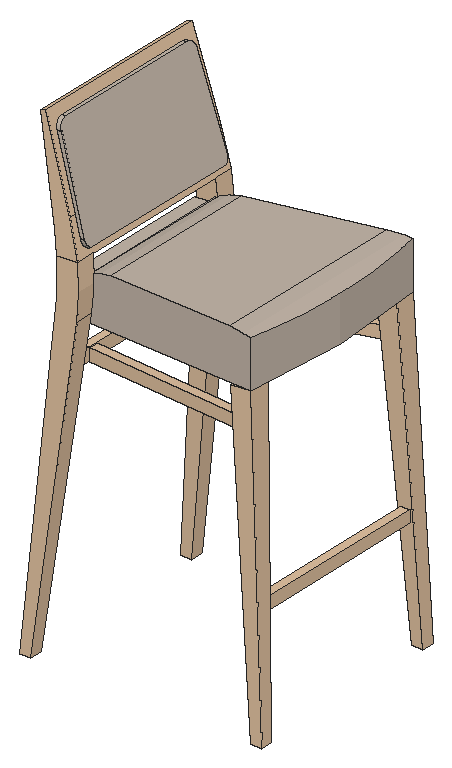
Revit family "FU_Chair_Sandler_TIMBERLY_3", category Furniture, Revit 2020
Family settings
  OmniClass Number = 23.21.23.15.17
  Work Plane-Based = Yes
  Always vertical = No
  Cut with Voids When Loaded = No
  Shared = No
  Room Calculation Point = No
Parameters (values of type "TIMBERLY 3.3")
  width = 1040.000 mm
  height = 1165.265 mm
  depth = 1040.000 mm
  Youtube clip = ""
  Uniformat II Description = "Movable Furnishings"
  Uniformat II Code = ""
  Uniclass 2015 Name = ""
  Uniclass 2015 Code = ""
  Uniclass 2.0 Description = ""
  Uniclass 2.0 Code = ""
  Uniclass 1.4 Description = ""
  Uniclass 1.4 Code = ""
  UNSPSC Code = ""
  Technical description = ""
  Shell Material = Default
  Shell = TP02 - TIMBERLY : TP02 - TIMBERLY
  Seat Material = Fabric - Gravity - Wheat CPC21
  Frame Material = Wood - Beech - Natural - V
  Frame = BS08 - TIMBERLY : BS08 - TIMBERLY
  Back Material = Fabric - Gravity - Wheat CPC21
  401D = no
  Region South America = "All"
  Region Oceania = "All"
  Region North America = "All"
  Region Middle East = "All"
  Region Europe = "All"
  Region Asia = "All"
  Region Antarctica = "All"
  Region Africa = "All"
  QR code = ""
  Product url = ""
  Product name = "TIMBERLY 3.3"
  Product group = "Chair"
  Product family = "Furniture"
  Product data url = "https://www.sandlerseating.com/product/timberly-3-3/"
  Product certification = ""
  Product SKU = "??"
  Product Guid = "??"
  OmniClass Description = ""
  OmniClass Code = "23-21 23 15 17"
  NBS Reference Description = ""
  NBS Reference Code = ""
  Model = "TIMBERLY 3.3"
  Masterformat 2014 Description = "Chair Mats"
  Masterformat 2014 Code = "12 48 43.13"
  Manufacturer name = "Sandler"
  Manufacturer country = "UK"
  Manufacturer = "Sandler"
  401G = no
  Installation instructions = ""
  IFC Classification = "Furnishing Element"
  GTIN code = ""
  Edition number = 1
  Design country = "UK"
  Description = "Chair"
  Default Elevation = 1219.200 mm
  Date of publishing = ""
  COBIe Type Category = ""
  Brand url = "https://www.sandlerseating.com/"
  BIMobject main category code = "furniture"
  BIMobject main category = "Furniture"
  BIMobject category code = "furniture-chair"
  BIMobject category = "Chair"
Types (2, lengths in mm): name | width | height | depth | Frame Material | Frame | Back Material | Product name | Product data url | Model
  TIMBERLY 3.3 | 1040.000 | 1165.265 | 1040.000 | Wood - Beech - Natural - V | BS08 - TIMBERLY : BS08 - TIMBERLY | Fabric - Gravity - Wheat CPC21 | "TIMBERLY 3.3" | "https://www.sandlerseating.com/product/timberly-3-3/" | "TIMBERLY 3.3"
  TIMBERLY 3.1 | 470.000 | 1040.000 | 520.000 | Wood - Beech - Cherry Wood - V | BS07 - TIMBERLY : BS07 - TIMBERLY | Default | "TIMBERLY 3.1" | "https://www.sandlerseating.com/product/timberly-3-1/" | "TIMBERLY 3.1"
Reference planes
  plane 1 "Center Front/Back": y = 0
  plane 2: z = 0
  plane 3 "Center Left/Right": x = 0
  plane 4 "Heigth Shell": z = 407
  plane 5: x = -520
  plane 6: x = 520
  plane 7: y = 520
  plane 8: y = -520
  plane 9: z = 1165.265
Dimensions and locks
  plane 4 "Heigth Shell" to plane 2 = 407.000 mm
  equal spacing: plane 5, plane 3 "Center Left/Right", plane 6
  "depth": plane 5 to plane 6
  equal spacing: plane 7, plane 1 "Center Front/Back", plane 8
  "width": plane 7 to plane 8
  "height": plane 9 to level
  aligned and locked: level to plane 2
Nested families
  nested 1: "BS08 - TIMBERLY" at (0, 0, 0) x (0, 1, 0) z (0, 0, 1), Frame Material <- "Frame Material", type <- "Frame", Back Material <- "Back Material", type "BS08 - TIMBERLY"
    with Seat Material none, Frame Material Wood - Beech - Natural - V, Back Material Fabric - Gravity - Wheat CPC21
  nested 2: "TP02 - TIMBERLY" at (0, 0, 0) x (0, 1, 0) z (0, 0, 1), Shell Material <- "Seat Material", type <- "Shell", type "TP02 - TIMBERLY"
    with Shell Material Fabric - Gravity - Wheat CPC21, Frame Material none
Definition of nested family "BS08 - TIMBERLY"
  Parameters (values of type "BS08 - TIMBERLY")
    Seat Material [instance] = none
    Frame Material [instance] = none
    Default Elevation = 0.000 mm
    Back Material [instance] = none
  Reference planes
    plane 1 "Center (Front/Back)": y = 0
    plane 2: z = 0
    plane 3 "Center (Left/Right)": x = 0
  Forms (mm)
    Extrusion 1, solid, material <- "Frame Material"
      sketch origin (0, 159.7, 0) x (0, 1, 0) y (0, 0, 1)
        loop
          line (-358.837, 667.768) -> (-401.526, 670.597) -> (-433.717, 0) -> (-409.771, 0) -> (-358.837, 667.768)
      from 163.291 to 250
    Extrusion 2, void
      sketch origin (0, 0, 0) x (1, 0, 0) y (0, 0, 1)
        loop
          line (217.718, 670.597) -> (229.218, 0) -> (250, 0) -> (250, 670.597) -> (217.718, 670.597)
        loop
          line (203.813, 0) -> (173.119, 670.597) -> (163.291, 670.597) -> (163.291, 0) -> (203.813, 0)
      from 162.445 to 320.445
    Extrusion 3, solid, material <- "Frame Material"
      sketch origin (0, 159.7, 0) x (0, 1, 0) y (0, 0, -1)
        loop
          line (-358.837, -667.768) -> (-409.771, 0) -> (-433.717, 0) -> (-401.526, -670.597) -> (-358.837, -667.768)
      from 163.291 to 250
    Extrusion 4, void
      sketch origin (0, 0, 0) x (-1, 0, 0) y (0, 0, -1)
        loop
          line (217.718, -670.597) -> (250, -670.597) -> (250, 0) -> (229.218, 0) -> (217.718, -670.597)
        loop
          line (203.813, 0) -> (163.291, 0) -> (163.291, -670.597) -> (173.119, -670.597) -> (203.813, 0)
      from 174.586 to 320.445
    Extrusion 5, solid, material <- "Frame Material"
      sketch origin (0, 159.7, 0) x (0, 1, 0) y (0, 0, 1)
        loop
          line (84.418, 0) -> (23.409, 697.336)
          arc (23.409, 697.336) -> (21.793, 736.535) -> (23.788, 775.716) r 426.111
          line (23.788, 775.716) -> (-20.205, 779.112)
          arc (-20.205, 779.112) -> (-24.826, 722.319) -> (-20.594, 665.495) r 366.786
          line (-20.594, 665.495) -> (61.326, 0) -> (84.418, 0)
      from 163.291 to 241.444
    Extrusion 6, void
      sketch origin (0, 0, 0) x (1, 0, 0) y (0, 0, 1)
        loop
          line (205.998, 779.112) -> (229.218, 0) -> (241.444, 0) -> (241.444, 779.112) -> (205.998, 779.112)
        loop
          line (165.186, 779.112) -> (163.291, 779.112) -> (163.291, 0) -> (202.368, 0) -> (165.186, 779.112)
      from -251.893 to -107.855
    Extrusion 7, solid, material <- "Frame Material"
      sketch origin (0, 159.7, 0) x (0, 1, 0) y (0, 0, -1)
        loop
          line (84.418, 0) -> (61.326, 0) -> (-20.594, -665.495)
          arc (-20.594, -665.495) -> (-24.826, -722.319) -> (-20.205, -779.112) r 366.786
          line (-20.205, -779.112) -> (23.788, -775.716)
          arc (23.788, -775.716) -> (21.793, -736.535) -> (23.409, -697.336) r 426.111
          line (23.409, -697.336) -> (84.418, 0)
      from 163.291 to 241.444
    Extrusion 8, void
      sketch origin (0, 0, 0) x (-1, 0, 0) y (0, 0, -1)
        loop
          line (205.998, -779.112) -> (241.444, -779.112) -> (241.444, 0) -> (229.218, 0) -> (205.998, -779.112)
        loop
          line (165.186, -779.112) -> (202.368, 0) -> (163.291, 0) -> (163.291, -779.112) -> (165.186, -779.112)
      from -251.893 to -107.855
    Extrusion 9, solid, material <- "Frame Material"
      sketch origin (0, 159.7, 0) x (0, 1, 0) y (0, 0, 1)
        loop
          line (66.927, 1037.943) -> (56.367, 1041.163) -> (0, 856.317)
          arc (0, 856.317) -> (-11.771, 818.151) -> (-20.205, 779.112) r 462.524
          line (-20.205, 779.112) -> (23.788, 775.716)
          arc (23.788, 775.716) -> (25.932, 801.05) -> (29.592, 826.209) r 423.225
          line (29.592, 826.209) -> (66.927, 1037.943)
      from -213.727 to 214.548
    Extrusion 10, void
      sketch origin (0, 0, 0) x (1, 0, 0) y (0, 0, 1)
        loop
          line (195.679, 1042.157) -> (206.248, 770.715) -> (221.248, 770.715) -> (221.248, 1042.157) -> (195.679, 1042.157)
      from -262.999 to 25.811
    Extrusion 11, void
      sketch origin (0, 0, 0) x (-1, 0, 0) y (0, 0, -1)
        loop
          line (195.679, -1042.157) -> (221.248, -1042.157) -> (221.248, -770.715) -> (206.248, -770.715) -> (195.679, -1042.157)
      from -286.306 to 25.811
    Extrusion 12, solid, material <- "Frame Material"
      sketch origin (0, 162.2, 0) x (1, 0, 0) y (0, 0, 1)
        loop
          line (-190.515, 268.288) -> (-190.515, 241.538) -> (191.741, 241.538) -> (191.741, 268.288) -> (-190.515, 268.288)
      from 399.952 to 417.638
    Extrusion 13, solid, material <- "Frame Material"
      sketch origin (-9.485, 583.45, 309.936) x (1, 0, 0) y (0, 0, 1)
        loop
          line (-165.288, 268.288) -> (-166.565, 241.538) -> (185.534, 241.538) -> (184.257, 268.288) -> (-165.288, 268.288)
      from 399.952 to 417.638
    Extrusion 14, solid, material <- "Frame Material"
      sketch origin (10.449, 138.22, 0) x (-0.173648, 0.984808, 0) y (0, 0, 1)
        loop
          line (8.261, 578.06) -> (-370.874, 606.978) -> (-372.902, 580.382) -> (8.261, 551.31) -> (8.261, 578.06)
      from 114.082 to 134.383
    Extrusion 15, solid, material <- "Frame Material"
      sketch origin (-10.449, 138.22, 0) x (0.173648, 0.984808, 0) y (0, 0, -1)
        loop
          line (8.261, -578.06) -> (8.261, -551.31) -> (-372.902, -580.382) -> (-370.874, -606.978) -> (8.261, -578.06)
      from 114.082 to 134.383
    Extrusion 16, solid, material <- "Back Material"
      sketch origin (0, 159.7, 0) x (0, 1, 0) y (0, 0, 1)
        loop
          line (53.822, 1032.815) -> (44.256, 1035.731) -> (-27.862, 799.231) -> (-18.468, 796.367) -> (53.822, 1032.815)
      from -201.138 to 203.269
    Extrusion 17, void
      sketch origin (0, 0, 0) x (1, 0, 0) y (0, 0, 1)
        loop
          line (-182.25, 1001.51) -> (-189.517, 814.89)
          arc (-189.517, 814.89) -> (-183.946, 800.248) -> (-169.532, 794.112) r 20
          line (-169.532, 794.112) -> (169.532, 794.112)
          arc (169.532, 794.112) -> (183.946, 800.248) -> (189.517, 814.89) r 20
          line (189.517, 814.89) -> (182.25, 1001.51)
          arc (182.25, 1001.51) -> (176.13, 1015.146) -> (162.265, 1020.731) r 20
          line (162.265, 1020.731) -> (-162.265, 1020.731)
          arc (-162.265, 1020.731) -> (-176.13, 1015.146) -> (-182.25, 1001.51) r 20
        loop
          arc (-171.272, 1070.302) -> (-205.933, 1056.339) -> (-221.234, 1022.247) r 50
          line (-221.234, 1022.247) -> (-229.263, 816.058)
          arc (-229.263, 816.058) -> (-215.337, 779.452) -> (-179.3, 764.112) r 50
          line (-179.3, 764.112) -> (181.349, 764.112)
          arc (181.349, 764.112) -> (217.386, 779.452) -> (231.311, 816.058) r 50
          line (231.311, 816.058) -> (223.283, 1022.247)
          arc (223.283, 1022.247) -> (207.981, 1056.339) -> (173.321, 1070.302) r 50
          line (173.321, 1070.302) -> (-171.272, 1070.302)
      from -266.17 to 34.331
  Cuts and joins
    Extrusion 2, Extrusion 4 cuts Extrusion 1
    Extrusion 4 cuts Extrusion 3
    Extrusion 6, Extrusion 8 cuts Extrusion 5
    Extrusion 8 cuts Extrusion 7
    Extrusion 10, Extrusion 11 cuts Extrusion 9
    Extrusion 17 cuts Extrusion 16
  Dimensions and locks
    aligned and locked: level to plane 2
Definition of nested family "TP02 - TIMBERLY"
  Parameters (values of type "TP02 - TIMBERLY")
    Shell Material [instance] = none
    Frame Material [instance] = none
    Default Elevation = 0.000 mm
  Reference planes
    plane 1 "Center (Front/Back)": y = 0
    plane 2: z = 0
    plane 3 "Center (Left/Right)": x = 0
  Forms (mm)
    Extrusion 1, solid, material <- "Shell Material"
      sketch origin (0, 159.7, 0) x (1, 0, 0) y (0, 1, 0)
        loop
          line (-164.125, 23.788) -> (-217.718, -401.526)
          arc (-217.718, -401.526) -> (0, -419.729) -> (217.718, -401.526) r 1311.119
          line (217.718, -401.526) -> (164.125, 23.788) -> (-164.125, 23.788)
      from 632.181 to 775.618
    Extrusion 2, void
      sketch origin (0, 159.7, 0) x (0, 1, 0) y (0, 0, 1)
        loop
          arc (-428.729, 768.255) -> (-389.635, 774.02) -> (-350.13, 774.993) r 324.671
          arc (-350.13, 774.993) -> (-208.364, 767.738) -> (-66.876, 756.271) r 4774.269
          arc (-66.876, 756.271) -> (-44.943, 752.217) -> (-24.043, 744.426) r 128.323
          arc (-24.043, 744.426) -> (-14.785, 737.495) -> (-8.936, 727.518) r 29.263
          line (-8.936, 727.518) -> (31.271, 727.518) -> (31.271, 787.518) -> (-428.729, 787.518) -> (-428.729, 768.255)
      from -217.718 to 217.718
    Extrusion 3, void
      sketch origin (0, 159.7, 0) x (0, 1, 0) y (0, 0, 1)
        loop
          line (-419.729, 632.181) -> (23.788, 632.181) -> (23.788, 645.132) -> (-17.219, 645.132) -> (-419.729, 671.803) -> (-419.729, 632.181)
      from -217.718 to 217.718
  Cuts and joins
    Extrusion 2, Extrusion 3 cuts Extrusion 1
  Dimensions and locks
    aligned and locked: level to plane 2
